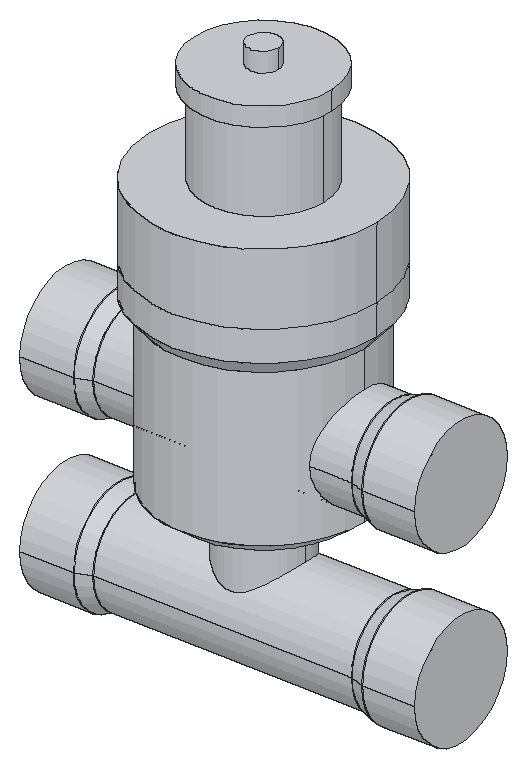
Revit family "VTX13P_DN15_PN16_RFA_2018", category Pipe Accessories, Revit 2018
Family settings
  Round Connector Dimension = Use Diameter
  Part Type = Valve - Breaks Into
  Work Plane-Based = No
  Always vertical = Yes
  Cut with Voids When Loaded = No
  Shared = No
Parameters (values of type "VTX13P G1/2  PN16 kvs1,6")
  magiProductId = ""
  magiProductFamilyId = ""
  magiPartTypeId = 306
  isMeasuringValve [instance] = no
  ang2D [instance] = 0.00°
  Z8 = 4 mm
  Z7__ve = -Z7  # -2.5 mm
  Z7 = 2.5 mm
  Z5 = 9.45 mm
  Z3 = 2 mm
  Z2 = 8.05 mm
  X4__ve = -X4  # -7 mm
  X4 = 7 mm
  X3 = 34 mm
  W2D = 15 mm
  VersionID = ""
  Use Minimum Symbol Size [instance] = yes
  URL = "www.hydronix.cz"
  Type Comments = "Závitový, vnější závit, ploché těsnění; LIN charakteristika; PN16; +5~+95°C; max.rychlost proudění 3,0 m/s"
  R9 = 9 mm
  R8 = 2 mm
  R7 = 15 mm
  R6 = 10.64 mm
  R5 = 6.703 mm
  R4 = 5.586 mm
  R2 = 13.3 mm
  R10 = 8 mm
  R1 = 6.75 mm
  QmdConnectorList = "301;D;302;D"
  Productdata [instance] = ""
  Manufacturer = "Hydronix"
  MC2 = yes
  MC Product Code = "VTX13P (G1/2\"; dpmax=250kPa; kvs 1,6)"
  MC = no
  LT2 = 19 mm
  L2D_Min = 3048 mm
  L2D = 38 mm
  H1 = 20.5 mm
  H = 27 mm
  E = 16 mm
  Description = "3 cestný regulační ventil malých spotřebičů s obtokem, DN15; zdvih 2,5mm; max dp 250kPa; kvs1,6"
  DT2 = 7.5 mm
  D = 15 mm
  CAT0 = yes
  C = 23 mm
Types (8, lengths in mm): name | Z5 | Z2 | X3 | R6 | R5 | R4 | R2 | R1 | MC Product Code | LT2 | H1 | H | Description | DT2 | D | C
  VTX09P G1/2  PN16 kvs0,25 | 9.45 | 8.05 | 34 | 10.64 | 6.703 | 5.586 | 13.3 | 6.75 | "VTX09P (G1/2\"; dpmax=250kPa; kvs 0,25)" | 19 | 20.5 | 27 | "3 cestný regulační ventil malých spotřebičů s obtokem, DN15; zdvih 2,5mm; max dp 250kPa; kvs0,25" | 7.5 | 15 | 23
  VTX10P G1/2  PN16 kvs0,4 | 9.45 | 8.05 | 34 | 10.64 | 6.703 | 5.586 | 13.3 | 6.75 | "VTX10P (G1/2\"; dpmax=250kPa; kvs 0,4)" | 19 | 20.5 | 27 | "3 cestný regulační ventil malých spotřebičů s obtokem, DN15; zdvih 2,5mm; max dp 250kPa; kvs0,4" | 7.5 | 15 | 23
  VTX12P G1/2  PN16 kvs1,0 | 9.45 | 8.05 | 34 | 10.64 | 6.703 | 5.586 | 13.3 | 6.75 | "VTX12P (G1/2\"; dpmax=250kPa; kvs 1,0)" | 19 | 20.5 | 27 | "3 cestný regulační ventil malých spotřebičů s obtokem, DN15; zdvih 2,5mm; max dp 250kPa; kvs1,0" | 7.5 | 15 | 23
  VTX13P G1/2  PN16 kvs1,6 | 9.45 | 8.05 | 34 | 10.64 | 6.703 | 5.586 | 13.3 | 6.75 | "VTX13P (G1/2\"; dpmax=250kPa; kvs 1,6)" | 19 | 20.5 | 27 | "3 cestný regulační ventil malých spotřebičů s obtokem, DN15; zdvih 2,5mm; max dp 250kPa; kvs1,6" | 7.5 | 15 | 23
  VTX21P G3/4  PN16 kvs2,5 | 9.1 | 17.5 | 38 | 11.76 | 7.409 | 6.174 | 14.7 | 9 | "VTX21P (G3/4\"; dpmax=150kPa; kvs 2,5)" | 21 | 37.4 | 26 | "3 cestný regulační ventil malých spotřebičů s obtokem, DN20; zdvih 2,5mm; max dp 150kPa; kvs2,5" | 10 | 20 | 50
  VTX24P G3/4  PN16 kvs4,0 | 9.1 | 17.5 | 38 | 11.76 | 7.409 | 6.174 | 14.7 | 9 | "VTX24P (G3/4\"; dpmax A-AB=100kPa;  dpmax B-AB=40kPa;  kvs 4,0)" | 21 | 37.4 | 26 | "3 cestný regulační ventil malých spotřebičů s obtokem, DN20; zdvih 2,5mm; max dp A-AB 100kPa; max dp B-AB 40kPa; kvs4,0" | 10 | 20 | 50
  VTX26P G3/4  PN16 kvs6,0 | 9.1 | 17.5 | 38 | 11.76 | 7.409 | 6.174 | 14.7 | 9 | "VTX26P (G3/4\"; dpmax A-AB=100kPa;  dpmax B-AB=40kPa; kvs 6,0)" | 21 | 37.4 | 26 | "3 cestný regulační ventil malých spotřebičů s obtokem, DN20; zdvih 2,5mm; max dp A-AB 100kPa; max dp B-AB 40kPa; kvs6,0" | 10 | 20 | 50
  VTX11P G1/2  PN16 kvs0,6 | 9.45 | 8.05 | 34 | 10.64 | 6.703 | 5.586 | 13.3 | 6.75 | "VTX11P (G1/2\"; dpmax=250kPa; kvs 0,6)" | 19 | 20.5 | 27 | "3 cestný regulační ventil malých spotřebičů s obtokem, DN15; zdvih 2,5mm; max dp 250kPa; kvs0,6" | 7.5 | 15 | 23
Reference planes
  plane 1 "Center (Front/Back)": y = 0
  plane 2 "XYPLANE": z = 0
  plane 3 "Center (Left/Right)": x = 0
  plane 4 "271": z = 38
  plane 5 "254": z = 11.55
  plane 6 "253": z = 17.55
  plane 7 "148": z = 40.5
  plane 8 "132": z = 43
  plane 9 "62": z = 13.55
  plane 10 "53": z = 27
  plane 11 "52": z = -8.95
  plane 12 "48": z = -10.95
  plane 13 "47": z = -12.95
  plane 14 "38": z = -21
  plane 15 "37": x = 17
  plane 16 "36": x = 19
  plane 17 "23": z = -23
  plane 18 "19": x = -17
  plane 19 "15": x = -19
  plane 20 "6": x = 26
  plane 21 "5": x = -26
  plane 22 "3": z = 0
  plane 23 "2": y = 0
  plane 24 "1": x = 0
Forms (mm)
  Extrusion 1, solid
    sketch origin (-17, -750, 0) x (0, 1, 0) y (0, 0, 1)
      loop
        circle (750, -23) r 6.75
    from 0 to 34 <- "X3"
  Blend 2, solid
    base sketch origin (19, -750, 0) x (0, 1, 0) y (0, 0, 1)
      loop
        circle (750, -23) r 7.5
    top sketch origin (19, -750, 0) x (0, 1, 0) y (0, 0, 1)
      loop
        circle (750, -23) r 6.75
    from 0 to -2
  Extrusion 3, solid
    sketch origin (26, -750, 0) x (0, 1, 0) y (0, 0, 1)
      loop
        circle (750, -23) r 7.5
    from 0 to -7 <- "X4__ve"
  Extrusion 4, solid
    sketch origin (-26, -750, 0) x (0, 1, 0) y (0, 0, 1)
      loop
        circle (750, -23) r 7.5
    from 0 to 7 <- "X4"
  Blend 5, solid
    base sketch origin (-19, -750, 0) x (0, 1, 0) y (0, 0, 1)
      loop
        circle (750, -23) r 7.5
    top sketch origin (-19, -750, 0) x (0, 1, 0) y (0, 0, 1)
      loop
        circle (750, -23) r 6.75
    from 0 to 2
  Extrusion 6, solid, visible <- "CAT0"
    sketch origin (-750, 0, 43) x (1, 0, 0) y (0, 1, 0)
      loop
        circle (750, 0) r 2
    from 0 to -2.5 <- "Z7__ve"
  Extrusion 7, solid, visible <- "CAT0"
    sketch origin (-750, 0, 38) x (1, 0, 0) y (0, 1, 0)
      loop
        circle (750, 0) r 8
    from 0 to -19
  Extrusion 8, solid, visible <- "CAT0"
    sketch origin (-17, -750, 0) x (0, 1, 0) y (0, 0, 1)
      loop
        circle (750, 0) r 6.75
    from 0 to 34 <- "X3"
  Extrusion 9, solid
    sketch origin (-750, 0, 13.55) x (1, 0, 0) y (0, 1, 0)
      loop
        circle (750, 0) r 15
    from 0 to 4 <- "Z8"
  Extrusion 10, solid
    sketch origin (-750, 0, 40.5) x (1, 0, 0) y (0, 1, 0)
      loop
        circle (750, 0) r 9
    from 0 to -2.5 <- "Z7__ve"
  Extrusion 11, solid
    sketch origin (-750, 0, 17.55) x (1, 0, 0) y (0, 1, 0)
      loop
        circle (750, 0) r 15
    from 0 to 9.45 <- "Z5"
  Blend 12, solid
    base sketch origin (-750, 0, 11.55) x (1, 0, 0) y (0, 1, 0)
      loop
        circle (750, 0) r 13.3
    top sketch origin (-750, 0, 11.55) x (1, 0, 0) y (0, 1, 0)
      loop
        circle (750, 0) r 15
    from 0 to 2
  Blend 13, solid
    base sketch origin (-750, 0, -8.95) x (1, 0, 0) y (0, 1, 0)
      loop
        circle (750, 0) r 13.3
    top sketch origin (-750, 0, -8.95) x (1, 0, 0) y (0, 1, 0)
      loop
        circle (750, 0) r 10.64
    from 0 to -2
  Blend 14, solid
    base sketch origin (-750, 0, -10.95) x (1, 0, 0) y (0, 1, 0)
      loop
        circle (750, 0) r 6.703
    top sketch origin (-750, 0, -10.95) x (1, 0, 0) y (0, 1, 0)
      loop
        circle (750, 0) r 5.586
    from 0 to -2
  Extrusion 15, solid
    sketch origin (-750, 0, -21) x (1, 0, 0) y (0, 1, 0)
      loop
        circle (750, 0) r 5.586
    from 0 to 8.05 <- "Z2"
  Extrusion 16, solid
    sketch origin (26, -750, 0) x (0, 1, 0) y (0, 0, 1)
      loop
        circle (750, 0) r 7.5
    from 0 to -7 <- "X4__ve"
  Blend 17, solid
    base sketch origin (19, -750, 0) x (0, 1, 0) y (0, 0, 1)
      loop
        circle (750, 0) r 7.5
    top sketch origin (19, -750, 0) x (0, 1, 0) y (0, 0, 1)
      loop
        circle (750, 0) r 6.75
    from 0 to -2
  Extrusion 18, solid
    sketch origin (-750, 0, -8.95) x (1, 0, 0) y (0, 1, 0)
      loop
        circle (750, 0) r 13.3
    from 0 to 20.5 <- "H1"
  Blend 19, solid
    base sketch origin (-19, -750, 0) x (0, 1, 0) y (0, 0, 1)
      loop
        circle (750, 0) r 7.5
    top sketch origin (-19, -750, 0) x (0, 1, 0) y (0, 0, 1)
      loop
        circle (750, 0) r 6.75
    from 0 to 2
  Extrusion 20, solid
    sketch origin (-26, -750, 0) x (0, 1, 0) y (0, 0, 1)
      loop
        circle (750, 0) r 7.5
    from 0 to 7 <- "X4"
  Extrusion 21, solid, not visible
    sketch origin (19, -750, 0) x (0, 1, 0) y (0, 0, 1)
      loop
        circle (750, 0) r 10
    from 0 to -10
  Extrusion 22, solid, not visible
    sketch origin (-19, -750, 0) x (0, 1, 0) y (0, 0, 1)
      loop
        circle (750, 0) r 10
    from 0 to 10
Lines and regions (mm)
  reference lines, not visible
    curve 1: circle (2, 2, 0) r 1 normal (0, 0, 1)
Dimensions and locks
  plane 1 "Center (Front/Back)" to curve 1 = 2 mm
  "Z7": plane 7 "148" to plane 4 "271"
  "Z3": plane 9 "62" to plane 5 "254"
  "Z5": plane 10 "53" to plane 6 "253"
  "Z7": plane 8 "132" to plane 7 "148"
  "E": plane 10 "53" to plane 8 "132"
  "Z8": plane 6 "253" to plane 9 "62"
  "H": plane 2 "XYPLANE" to plane 10 "53"
  "Z3": plane 12 "48" to plane 11 "52"
  "Z3": plane 13 "47" to plane 12 "48"
  "Z2": plane 14 "38" to plane 13 "47"
  "Z3": plane 17 "23" to plane 14 "38"
  locked: plane 16 "36" to plane 15 "37" at 2
  "LT2": plane 3 "Center (Left/Right)" to plane 16 "36"
  "C": plane 2 "XYPLANE" to plane 17 "23"
  locked: plane 19 "15" to plane 18 "19" at 2
  "LT2": plane 3 "Center (Left/Right)" to plane 19 "15"
  "X4": plane 16 "36" to plane 20 "6"
  "X4": plane 19 "15" to plane 21 "5"
  locked: plane 2 "XYPLANE" to plane 22 "3"
  locked: plane 1 "Center (Front/Back)" to plane 23 "2"
  locked: plane 3 "Center (Left/Right)" to plane 24 "1"
  "R1": radius of Extrusion 1 sketch curve
  "R1": radius of Blend 2 sketch curve
  "DT2": radius of Blend 2 sketch curve
  "DT2": radius of Extrusion 3 sketch curve
  "DT2": radius of Extrusion 4 sketch curve
  "R1": radius of Blend 5 sketch curve
  "DT2": radius of Blend 5 sketch curve
  "R8": radius of Extrusion 6 sketch curve
  "R10": radius of Extrusion 7 sketch curve
  "R1": radius of Extrusion 8 sketch curve
  "R7": radius of Extrusion 9 sketch curve
  "R9": radius of Extrusion 10 sketch curve
  "R7": radius of Extrusion 11 sketch curve
  "R7": radius of Blend 12 sketch curve
  "R2": radius of Blend 12 sketch curve
  "R6": radius of Blend 13 sketch curve
  "R2": radius of Blend 13 sketch curve
  "R4": radius of Blend 14 sketch curve
  "R5": radius of Blend 14 sketch curve
  "R4": radius of Extrusion 15 sketch curve
  "DT2": radius of Extrusion 16 sketch curve
  "R1": radius of Blend 17 sketch curve
  "DT2": radius of Blend 17 sketch curve
  "R2": radius of Extrusion 18 sketch curve
  "R1": radius of Blend 19 sketch curve
  "DT2": radius of Blend 19 sketch curve
  "DT2": radius of Extrusion 20 sketch curve
  aligned and locked: level to plane 2 "XYPLANE"
  aligned and locked: plane 17 "23" to Extrusion 1 sketch curve
  aligned and locked: Extrusion 1 sketch curve to plane 23 "2"
  aligned and locked: plane 17 "23" to Blend 2 sketch curve  (x2)
  aligned and locked: Blend 2 sketch curve to plane 23 "2"  (x2)
  aligned and locked: Blend 2 to plane 15 "37"
  aligned and locked: plane 17 "23" to Extrusion 3 sketch curve
  aligned and locked: Extrusion 3 sketch curve to plane 23 "2"
  aligned and locked: plane 17 "23" to Extrusion 4 sketch curve
  aligned and locked: Extrusion 4 sketch curve to plane 23 "2"
  aligned and locked: plane 17 "23" to Blend 5 sketch curve  (x2)
  aligned and locked: Blend 5 sketch curve to plane 23 "2"  (x2)
  aligned and locked: plane 18 "19" to Blend 5
  aligned and locked: plane 23 "2" to Extrusion 6 sketch curve
  aligned and locked: plane 24 "1" to Extrusion 6 sketch curve
  aligned and locked: plane 23 "2" to Extrusion 7 sketch curve
  aligned and locked: plane 24 "1" to Extrusion 7 sketch curve
  aligned and locked: plane 22 "3" to Extrusion 8 sketch curve
  aligned and locked: Extrusion 8 sketch curve to plane 23 "2"
  aligned and locked: plane 23 "2" to Extrusion 9 sketch curve
  aligned and locked: plane 24 "1" to Extrusion 9 sketch curve
  aligned and locked: plane 23 "2" to Extrusion 10 sketch curve
  aligned and locked: plane 24 "1" to Extrusion 10 sketch curve
  aligned and locked: plane 23 "2" to Extrusion 11 sketch curve
  aligned and locked: plane 24 "1" to Extrusion 11 sketch curve
  aligned and locked: plane 23 "2" to Blend 12 sketch curve  (x2)
  aligned and locked: plane 24 "1" to Blend 12 sketch curve  (x2)
  aligned and locked: plane 9 "62" to Blend 12
  aligned and locked: plane 23 "2" to Blend 13 sketch curve  (x2)
  aligned and locked: plane 24 "1" to Blend 13 sketch curve  (x2)
  aligned and locked: Blend 13 to plane 12 "48"
  aligned and locked: plane 23 "2" to Blend 14 sketch curve  (x2)
  aligned and locked: plane 24 "1" to Blend 14 sketch curve  (x2)
  aligned and locked: Blend 14 to plane 13 "47"
  aligned and locked: plane 23 "2" to Extrusion 15 sketch curve
  aligned and locked: plane 24 "1" to Extrusion 15 sketch curve
  aligned and locked: plane 22 "3" to Extrusion 16 sketch curve
  aligned and locked: Extrusion 16 sketch curve to plane 23 "2"
  aligned and locked: plane 22 "3" to Blend 17 sketch curve  (x2)
  aligned and locked: Blend 17 sketch curve to plane 23 "2"  (x2)
  aligned and locked: Blend 17 to plane 15 "37"
  aligned and locked: plane 23 "2" to Extrusion 18 sketch curve
  aligned and locked: plane 24 "1" to Extrusion 18 sketch curve
  aligned and locked: plane 22 "3" to Blend 19 sketch curve  (x2)
  aligned and locked: Blend 19 sketch curve to plane 23 "2"  (x2)
  aligned and locked: plane 18 "19" to Blend 19
  aligned and locked: plane 22 "3" to Extrusion 20 sketch curve
  aligned and locked: Extrusion 20 sketch curve to plane 23 "2"
  aligned and locked: plane 22 "3" to Extrusion 21 sketch curve
  aligned and locked: Extrusion 21 sketch curve to plane 23 "2"
  aligned and locked: plane 22 "3" to Extrusion 22 sketch curve
  aligned and locked: Extrusion 22 sketch curve to plane 23 "2"
Automatic sketch dimensions
  plane 1 "Center (Front/Back)" to Extrusion 21 sketch curve = 10 mm
  plane 1 "Center (Front/Back)" to Extrusion 22 sketch curve = 10 mm
  plane 3 "Center (Left/Right)" to curve 1 = 2 mm
  radius of curve 1 = 1 mm
Connectors
  piping at (-19, 0, 0), diameter 15, driven by "D"
    settings: on Extrusion 22, index 1, connector inside diameter 609.6 mm, connector length 0 mm, flow factor 0, pipe flow 0.0 L/s, pressure drop 0.0 Pa, fitting loss kfactor 0, connector angle 0.00°, fixture units 0, engagement length 0 mm, angle of deflection 0.00°, flow configuration 0, flow direction 0, fitting loss method 0, system type 29, joint type 0, gender type 0, connector reference index 2, connector utility 0, adjustable connector no, is connector primary yes, connector description ""
  piping at (19, 0, 0), diameter 15, driven by "D"
    settings: on Extrusion 21, index 2, connector inside diameter 609.6 mm, connector length 0 mm, flow factor 0, pipe flow 0.0 L/s, pressure drop 0.0 Pa, fitting loss kfactor 0, connector angle 0.00°, fixture units 0, engagement length 0 mm, angle of deflection 0.00°, flow configuration 0, flow direction 0, fitting loss method 0, system type 29, joint type 0, gender type 0, connector reference index 1, connector utility 0, adjustable connector no, is connector primary no, connector description ""
